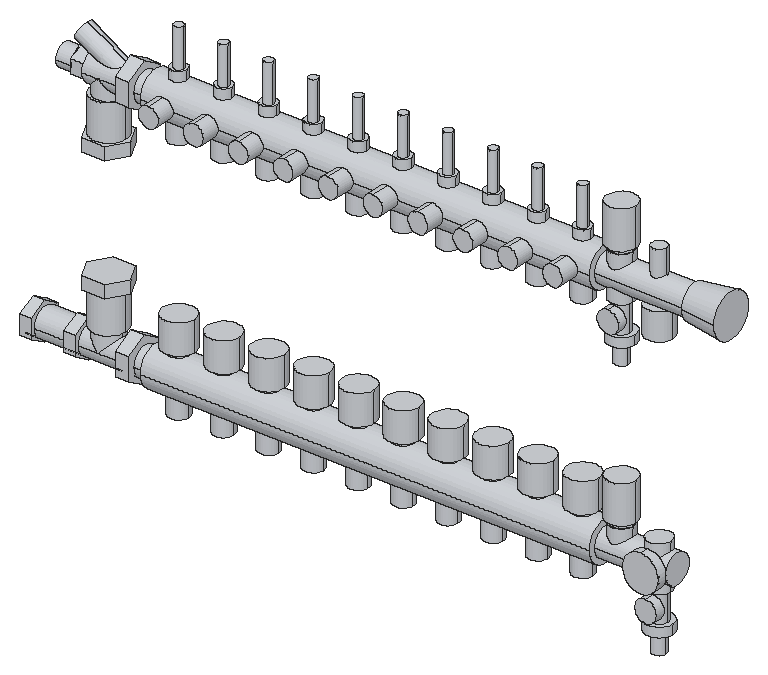
Revit family "318_1dab38ccfa9a4ba2b3cf6a35155c10", category Pipe Accessories, Revit 2017 (continued)
Automatic sketch dimensions
  Extrusion 14 sketch curve to plane 20 "371" = 2 mm
  Extrusion 15 sketch curve to Extrusion 15 sketch curve = 10.5 mm
  Extrusion 15 sketch curve to Extrusion 15 sketch curve = 0 mm
  plane 5 "386" to Extrusion 16 sketch curve = 3.5 mm
  Extrusion 17 sketch curve to plane 1 "Center (Front/Back)" = 0 mm  (x2)
  plane 5 "386" to Extrusion 17 sketch curve = 3.01 mm
  Extrusion 17 sketch curve to plane 1 "Center (Front/Back)" = 12.99 mm
  plane 58 "333" to Extrusion 17 sketch curve = 1 mm
  Extrusion 17 sketch curve to level = 7.5 mm  (x2)
  level to Extrusion 17 sketch curve = 7.5 mm  (x2)
  Extrusion 17 sketch curve to plane 34 "357" = 7 mm
  Extrusion 18 sketch curve to plane 1 "Center (Front/Back)" = 0 mm  (x2)
  Extrusion 18 sketch curve to plane 14 "377" = 0 mm
  Extrusion 18 sketch curve to plane 5 "386" = 2.187 mm
  Extrusion 18 sketch curve to plane 1 "Center (Front/Back)" = 18.187 mm
  Extrusion 18 sketch curve to plane 14 "377" = 10.5 mm  (x2)
  Extrusion 18 sketch curve to plane 32 "359" = 10.5 mm  (x2)
  plane 60 "331" to Extrusion 18 sketch curve = 4 mm
  Extrusion 19 sketch curve to plane 1 "Center (Front/Back)" = 0 mm  (x2)
  Extrusion 19 sketch curve to plane 14 "377" = 0 mm
  Extrusion 19 sketch curve to plane 5 "386" = 2.187 mm
  Extrusion 19 sketch curve to plane 1 "Center (Front/Back)" = 18.187 mm
  Extrusion 19 sketch curve to plane 14 "377" = 10.5 mm  (x2)
  Extrusion 19 sketch curve to plane 32 "359" = 10.5 mm  (x2)
  plane 60 "331" to Extrusion 19 sketch curve = 4 mm
  Extrusion 20 sketch curve to plane 5 "386" = 0 mm
  Extrusion 21 sketch curve to plane 1 "Center (Front/Back)" = 0 mm  (x2)
  Extrusion 21 sketch curve to plane 53 "338" = 0 mm
  Extrusion 21 sketch curve to plane 54 "337" = 0 mm
  plane 37 "354" to Extrusion 21 sketch curve = 0.349 mm
  Extrusion 21 sketch curve to plane 34 "357" = 9.5 mm  (x2)
  Extrusion 21 sketch curve to plane 1 "Center (Front/Back)" = 21.651 mm
  plane 58 "333" to Extrusion 21 sketch curve = 3.5 mm  (x2)
  Extrusion 22 sketch curve to plane 1 "Center (Front/Back)" = 0 mm  (x2)
  Extrusion 22 sketch curve to plane 60 "331" = 0 mm
  Extrusion 22 sketch curve to plane 56 "335" = 0 mm
  plane 37 "354" to Extrusion 22 sketch curve = 0.349 mm
  Extrusion 22 sketch curve to plane 14 "377" = 8.5 mm  (x2)
  Extrusion 22 sketch curve to plane 1 "Center (Front/Back)" = 21.651 mm
  Extrusion 22 sketch curve to plane 32 "359" = 12.5 mm  (x2)
  Extrusion 23 sketch curve to plane 5 "386" = 0 mm
  Extrusion 110 sketch curve to plane 5 "386" = 0 mm
  Blend 111 sketch curve to plane 5 "386" = 3 mm
  Blend 111 sketch curve to plane 37 "354" = 2 mm
  plane 49 "342" to Extrusion 112 sketch curve = 5 mm
  plane 1 "Center (Front/Back)" to Extrusion 113 sketch curve = 0 mm  (x2)
  plane 49 "342" to Extrusion 113 sketch curve = 5 mm
  Extrusion 113 sketch curve to plane 52 "339" = 6.5 mm  (x2)
  Extrusion 113 sketch curve to plane 9 "382" = 2.258 mm
  Extrusion 113 sketch curve to plane 47 "344" = 0.5 mm  (x2)
  plane 47 "344" to Extrusion 113 sketch curve = 6 mm
  Extrusion 113 sketch curve to plane 1 "Center (Front/Back)" = 11.258 mm
  plane 49 "342" to Extrusion 114 sketch curve = 2 mm
  Extrusion 115 sketch curve to plane 5 "386" = 0 mm
  plane 49 "342" to Extrusion 116 sketch curve = 5 mm
  plane 49 "342" to Extrusion 117 sketch curve = 2 mm
  plane 1 "Center (Front/Back)" to Extrusion 118 sketch curve = 0 mm  (x2)
  plane 49 "342" to Extrusion 118 sketch curve = 5 mm
  Extrusion 118 sketch curve to plane 52 "339" = 6.5 mm  (x2)
  Extrusion 118 sketch curve to plane 9 "382" = 2.258 mm
  Extrusion 118 sketch curve to plane 47 "344" = 0.5 mm  (x2)
  plane 47 "344" to Extrusion 118 sketch curve = 6 mm
  Extrusion 118 sketch curve to plane 1 "Center (Front/Back)" = 11.258 mm
  Extrusion 119 sketch curve to plane 48 "343" = 0 mm
  Extrusion 120 sketch curve to plane 59 "332" = 8 mm
  plane 49 "342" to Extrusion 121 sketch curve = 9 mm
  Extrusion 122 sketch curve to Extrusion 122 sketch curve = 13 mm
  Extrusion 123 sketch curve to plane 9 "382" = 1 mm
  Extrusion 124 sketch curve to plane 9 "382" = 1 mm
  Extrusion 125 sketch curve to plane 9 "382" = 1 mm
  Extrusion 126 sketch curve to plane 9 "382" = 1 mm
  Extrusion 127 sketch curve to plane 9 "382" = 1 mm
  Extrusion 128 sketch curve to plane 9 "382" = 1 mm
  Extrusion 129 sketch curve to plane 9 "382" = 1 mm
  Extrusion 130 sketch curve to plane 9 "382" = 1 mm
  Extrusion 131 sketch curve to plane 9 "382" = 1 mm
  Extrusion 132 sketch curve to plane 9 "382" = 1 mm
  Extrusion 133 sketch curve to plane 9 "382" = 1 mm
  Extrusion 134 sketch curve to plane 9 "382" = 1 mm
  Extrusion 135 sketch curve to plane 9 "382" = 1 mm
  Extrusion 136 sketch curve to plane 9 "382" = 1 mm
  Extrusion 137 sketch curve to plane 9 "382" = 1 mm
  Extrusion 138 sketch curve to plane 9 "382" = 1 mm
  Extrusion 139 sketch curve to plane 9 "382" = 1 mm
  Extrusion 140 sketch curve to plane 9 "382" = 1 mm
  Extrusion 141 sketch curve to plane 9 "382" = 1 mm
  Extrusion 142 sketch curve to plane 9 "382" = 1 mm
  Extrusion 143 sketch curve to plane 9 "382" = 1 mm
  Extrusion 144 sketch curve to plane 9 "382" = 1 mm
Connectors
  piping at (0, 0, 0), diameter 25, driven by "Flow supply main", driven by "SMP"
    settings: on Extrusion 141, index 1, connector inside diameter 609.6 mm, connector length 0 mm, flow factor 0, pipe flow 0.0 L/s, pressure drop 0.0 Pa, fitting loss kfactor 0, connector angle 0.00°, fixture units 0, engagement length 0 mm, angle of deflection 0.00°, flow configuration 1, flow direction 1, fitting loss method 0, system type 7, joint type 0, gender type 0, connector reference index -1, connector utility 0, adjustable connector no, is connector primary yes, connector description "Main_1_1"
  piping at (127, 0, -40), diameter 18, driven by "Flow supply 1", driven by "SBP1"
    settings: on Extrusion 143, index 2, connector inside diameter 609.6 mm, connector length 0 mm, flow factor 0, pipe flow 0.0 L/s, pressure drop 0.0 Pa, fitting loss kfactor 0, connector angle 0.00°, fixture units 0, engagement length 0 mm, angle of deflection 0.00°, flow configuration 0, flow direction 2, fitting loss method 0, system type 7, joint type 0, gender type 0, connector reference index -1, connector utility 0, adjustable connector no, is connector primary no, connector description "Branch_1_1"
  piping at (177, 0, -40), diameter 18, driven by "Flow supply 2", driven by "SBP2"
    settings: on Extrusion 144, index 3, connector inside diameter 609.6 mm, connector length 0 mm, flow factor 0, pipe flow 0.0 L/s, pressure drop 0.0 Pa, fitting loss kfactor 0, connector angle 0.00°, fixture units 0, engagement length 0 mm, angle of deflection 0.00°, flow configuration 0, flow direction 2, fitting loss method 0, system type 7, joint type 0, gender type 0, connector reference index -1, connector utility 0, adjustable connector no, is connector primary no, connector description "Branch_1_2"
  piping at (227, 0, -40), diameter 18, driven by "Flow supply 3", driven by "SBP3"
    settings: on Extrusion 140, index 4, connector inside diameter 609.6 mm, connector length 0 mm, flow factor 0, pipe flow 0.0 L/s, pressure drop 0.0 Pa, fitting loss kfactor 0, connector angle 0.00°, fixture units 0, engagement length 0 mm, angle of deflection 0.00°, flow configuration 0, flow direction 2, fitting loss method 0, system type 7, joint type 0, gender type 0, connector reference index -1, connector utility 0, adjustable connector no, is connector primary no, connector description "Branch_1_3"
  piping at (277, 0, -40), diameter 18, driven by "Flow supply 4", driven by "SBP4"
    settings: on Extrusion 139, index 5, connector inside diameter 609.6 mm, connector length 0 mm, flow factor 0, pipe flow 0.0 L/s, pressure drop 0.0 Pa, fitting loss kfactor 0, connector angle 0.00°, fixture units 0, engagement length 0 mm, angle of deflection 0.00°, flow configuration 0, flow direction 2, fitting loss method 0, system type 7, joint type 0, gender type 0, connector reference index -1, connector utility 0, adjustable connector no, is connector primary no, connector description "Branch_1_4"
  piping at (327, 0, -40), diameter 18, driven by "Flow supply 5", driven by "SBP5"
    settings: on Extrusion 138, index 6, connector inside diameter 609.6 mm, connector length 0 mm, flow factor 0, pipe flow 0.0 L/s, pressure drop 0.0 Pa, fitting loss kfactor 0, connector angle 0.00°, fixture units 0, engagement length 0 mm, angle of deflection 0.00°, flow configuration 0, flow direction 2, fitting loss method 0, system type 7, joint type 0, gender type 0, connector reference index -1, connector utility 0, adjustable connector no, is connector primary no, connector description "Branch_1_5"
  piping at (377, 0, -40), diameter 18, driven by "Flow supply 6", driven by "SBP6"
    settings: on Extrusion 137, index 7, connector inside diameter 609.6 mm, connector length 0 mm, flow factor 0, pipe flow 0.0 L/s, pressure drop 0.0 Pa, fitting loss kfactor 0, connector angle 0.00°, fixture units 0, engagement length 0 mm, angle of deflection 0.00°, flow configuration 0, flow direction 2, fitting loss method 0, system type 7, joint type 0, gender type 0, connector reference index -1, connector utility 0, adjustable connector no, is connector primary no, connector description "Branch_1_6"
  piping at (427, 0, -40), diameter 18, driven by "Flow supply 7", driven by "SBP7"
    settings: on Extrusion 136, index 8, connector inside diameter 609.6 mm, connector length 0 mm, flow factor 0, pipe flow 0.0 L/s, pressure drop 0.0 Pa, fitting loss kfactor 0, connector angle 0.00°, fixture units 0, engagement length 0 mm, angle of deflection 0.00°, flow configuration 0, flow direction 2, fitting loss method 0, system type 7, joint type 0, gender type 0, connector reference index -1, connector utility 0, adjustable connector no, is connector primary no, connector description "Branch_1_7"
  piping at (477, 0, -40), diameter 18, driven by "Flow supply 8", driven by "SBP8"
    settings: on Extrusion 133, index 9, connector inside diameter 609.6 mm, connector length 0 mm, flow factor 0, pipe flow 0.0 L/s, pressure drop 0.0 Pa, fitting loss kfactor 0, connector angle 0.00°, fixture units 0, engagement length 0 mm, angle of deflection 0.00°, flow configuration 0, flow direction 2, fitting loss method 0, system type 7, joint type 0, gender type 0, connector reference index -1, connector utility 0, adjustable connector no, is connector primary no, connector description "Branch_1_8"
  piping at (527, 0, -40), diameter 18, driven by "Flow supply 9", driven by "SBP9"
    settings: on Extrusion 134, index 10, connector inside diameter 609.6 mm, connector length 0 mm, flow factor 0, pipe flow 0.0 L/s, pressure drop 0.0 Pa, fitting loss kfactor 0, connector angle 0.00°, fixture units 0, engagement length 0 mm, angle of deflection 0.00°, flow configuration 0, flow direction 2, fitting loss method 0, system type 7, joint type 0, gender type 0, connector reference index -1, connector utility 0, adjustable connector no, is connector primary no, connector description "Branch_1_9"
  piping at (577, 0, -40), diameter 18, driven by "Flow supply 10", driven by "SBP10"
    settings: on Extrusion 135, index 11, connector inside diameter 609.6 mm, connector length 0 mm, flow factor 0, pipe flow 0.0 L/s, pressure drop 0.0 Pa, fitting loss kfactor 0, connector angle 0.00°, fixture units 0, engagement length 0 mm, angle of deflection 0.00°, flow configuration 0, flow direction 2, fitting loss method 0, system type 7, joint type 0, gender type 0, connector reference index -1, connector utility 0, adjustable connector no, is connector primary no, connector description "Branch_1_10"
  piping at (-35, 0, -274), diameter 25, driven by "Flow return main", driven by "RMP"
    settings: on Extrusion 142, index 12, connector inside diameter 609.6 mm, connector length 0 mm, flow factor 0, pipe flow 0.0 L/s, pressure drop 0.0 Pa, fitting loss kfactor 0, connector angle 0.00°, fixture units 0, engagement length 0 mm, angle of deflection 0.00°, flow configuration 1, flow direction 2, fitting loss method 0, system type 8, joint type 0, gender type 0, connector reference index -1, connector utility 0, adjustable connector no, is connector primary no, connector description "Main_2_1"
  piping at (127, 0, -314), diameter 18, driven by "Flow return 1", driven by "RBP1"
    settings: on Extrusion 131, index 13, connector inside diameter 609.6 mm, connector length 0 mm, flow factor 0, pipe flow 0.0 L/s, pressure drop 0.0 Pa, fitting loss kfactor 0, connector angle 0.00°, fixture units 0, engagement length 0 mm, angle of deflection 0.00°, flow configuration 0, flow direction 1, fitting loss method 0, system type 8, joint type 0, gender type 0, connector reference index -1, connector utility 0, adjustable connector no, is connector primary no, connector description "Branch_2_1"
  piping at (177, 0, -314), diameter 18, driven by "Flow return 2", driven by "RBP2"
    settings: on Extrusion 130, index 14, connector inside diameter 609.6 mm, connector length 0 mm, flow factor 0, pipe flow 0.0 L/s, pressure drop 0.0 Pa, fitting loss kfactor 0, connector angle 0.00°, fixture units 0, engagement length 0 mm, angle of deflection 0.00°, flow configuration 0, flow direction 1, fitting loss method 0, system type 8, joint type 0, gender type 0, connector reference index -1, connector utility 0, adjustable connector no, is connector primary no, connector description "Branch_2_2"
  piping at (227, 0, -314), diameter 18, driven by "Flow return 3", driven by "RBP3"
    settings: on Extrusion 132, index 15, connector inside diameter 609.6 mm, connector length 0 mm, flow factor 0, pipe flow 0.0 L/s, pressure drop 0.0 Pa, fitting loss kfactor 0, connector angle 0.00°, fixture units 0, engagement length 0 mm, angle of deflection 0.00°, flow configuration 0, flow direction 1, fitting loss method 0, system type 8, joint type 0, gender type 0, connector reference index -1, connector utility 0, adjustable connector no, is connector primary no, connector description "Branch_2_3"
  piping at (277, 0, -314), diameter 18, driven by "Flow return 4", driven by "RBP4"
    settings: on Extrusion 129, index 16, connector inside diameter 609.6 mm, connector length 0 mm, flow factor 0, pipe flow 0.0 L/s, pressure drop 0.0 Pa, fitting loss kfactor 0, connector angle 0.00°, fixture units 0, engagement length 0 mm, angle of deflection 0.00°, flow configuration 0, flow direction 1, fitting loss method 0, system type 8, joint type 0, gender type 0, connector reference index -1, connector utility 0, adjustable connector no, is connector primary no, connector description "Branch_2_4"
  piping at (327, 0, -314), diameter 18, driven by "Flow return 5", driven by "RBP5"
    settings: on Extrusion 128, index 17, connector inside diameter 609.6 mm, connector length 0 mm, flow factor 0, pipe flow 0.0 L/s, pressure drop 0.0 Pa, fitting loss kfactor 0, connector angle 0.00°, fixture units 0, engagement length 0 mm, angle of deflection 0.00°, flow configuration 0, flow direction 1, fitting loss method 0, system type 8, joint type 0, gender type 0, connector reference index -1, connector utility 0, adjustable connector no, is connector primary no, connector description "Branch_2_5"
  piping at (377, 0, -314), diameter 18, driven by "Flow return 6", driven by "RBP6"
    settings: on Extrusion 127, index 18, connector inside diameter 609.6 mm, connector length 0 mm, flow factor 0, pipe flow 0.0 L/s, pressure drop 0.0 Pa, fitting loss kfactor 0, connector angle 0.00°, fixture units 0, engagement length 0 mm, angle of deflection 0.00°, flow configuration 0, flow direction 1, fitting loss method 0, system type 8, joint type 0, gender type 0, connector reference index -1, connector utility 0, adjustable connector no, is connector primary no, connector description "Branch_2_6"
  piping at (427, 0, -314), diameter 18, driven by "Flow return 7", driven by "RBP7"
    settings: on Extrusion 126, index 19, connector inside diameter 609.6 mm, connector length 0 mm, flow factor 0, pipe flow 0.0 L/s, pressure drop 0.0 Pa, fitting loss kfactor 0, connector angle 0.00°, fixture units 0, engagement length 0 mm, angle of deflection 0.00°, flow configuration 0, flow direction 1, fitting loss method 0, system type 8, joint type 0, gender type 0, connector reference index -1, connector utility 0, adjustable connector no, is connector primary no, connector description "Branch_2_7"
  piping at (477, 0, -314), diameter 18, driven by "Flow return 8", driven by "RBP8"
    settings: on Extrusion 124, index 20, connector inside diameter 609.6 mm, connector length 0 mm, flow factor 0, pipe flow 0.0 L/s, pressure drop 0.0 Pa, fitting loss kfactor 0, connector angle 0.00°, fixture units 0, engagement length 0 mm, angle of deflection 0.00°, flow configuration 0, flow direction 1, fitting loss method 0, system type 8, joint type 0, gender type 0, connector reference index -1, connector utility 0, adjustable connector no, is connector primary no, connector description "Branch_2_8"
  piping at (527, 0, -314), diameter 18, driven by "Flow return 9", driven by "RBP9"
    settings: on Extrusion 125, index 21, connector inside diameter 609.6 mm, connector length 0 mm, flow factor 0, pipe flow 0.0 L/s, pressure drop 0.0 Pa, fitting loss kfactor 0, connector angle 0.00°, fixture units 0, engagement length 0 mm, angle of deflection 0.00°, flow configuration 0, flow direction 1, fitting loss method 0, system type 8, joint type 0, gender type 0, connector reference index -1, connector utility 0, adjustable connector no, is connector primary no, connector description "Branch_2_9"
  piping at (577, 0, -314), diameter 18, driven by "Flow return 10", driven by "RBP10"
    settings: on Extrusion 123, index 22, connector inside diameter 609.6 mm, connector length 0 mm, flow factor 0, pipe flow 0.0 L/s, pressure drop 0.0 Pa, fitting loss kfactor 0, connector angle 0.00°, fixture units 0, engagement length 0 mm, angle of deflection 0.00°, flow configuration 0, flow direction 1, fitting loss method 0, system type 8, joint type 0, gender type 0, connector reference index -1, connector utility 0, adjustable connector no, is connector primary no, connector description "Branch_2_10"
